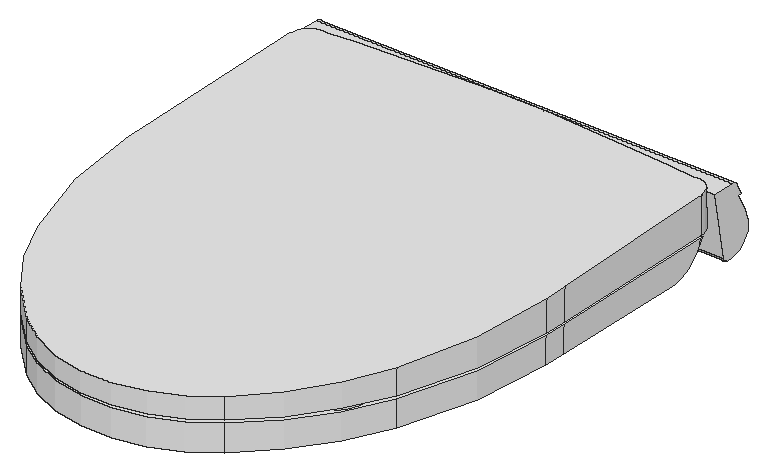
Revit family
Parameters
  Waste Connection = no
  Vent Connection = no
  URL = "http://www.totousa.com"
  Symbolic Lines [instance] = not(Lid)  # no
  Series = "Soiree"
  Seat Material = Polypropylene
  Product URL = "http://www.totousa.com/ProductDetail/tabid/75/Default.aspx?ProductId=9155e4a5-317d-4386-b412-54d7c86a783d&SearchId=e510e13b-bafd-4c28-8046-fa66b06554e5"
  Nominal Width = 1' - 2 1/4"  # constant formula
  Nominal Length = 1' - 6 3/4"  # constant formula
  Nominal Height = 0' - 2 1/2"  # constant formula
  Model = "SS214"
  Masking Height = 1' - 8"
  Manufacturer = "TOTO"
  Lid [instance] = yes
  HW Connection = no
  Description = "Softclose Seat"
  CW Connection = no
  CADworks URL = "http://www.CADworks.net"
  Assembly Code = "D2090900"
Reference planes (in)
  plane 1 "Center (Front/Back)": y = 0
  plane 2: z = 0
  plane 3 "Center (Left/Right)": x = 0
  plane 4: y = 9.375
  plane 5: y = -9.375
  plane 6: x = 7.125
  plane 7: x = -7.125
  plane 8: z = 2.5
  plane 9: z = 1.125
  plane 10: y = 6
  plane 11: y = -6
  plane 12: x = -4
  plane 13: x = 4
  plane 14: y = 8.625
  plane 15: z = 20
Forms (in)
  Extrusion 1, solid, material "Polypropylene" <- "Seat Material", visible <- "Lid"
    sketch origin (0, 0.00152, 0) x (1, 0, 0) y (0, 1, 0)
      loop
        arc (5.33174, 8.38539) -> (2.66858, 8.56546) -> (0, 8.62501) r 59.055
        arc (0, 8.62501) -> (-2.66858, 8.56546) -> (-5.33174, 8.38539) r 59.055
        arc (-5.33174, 8.38539) -> (-5.79837, 8.34136) -> (-6.26464, 8.29361) r 58.90699
        arc (-6.26464, 8.29361) -> (-6.78876, 8.18813) -> (-7.03448, 7.71331) r 0.61799
        arc (-7.03448, 7.71331) -> (-7.10197, 4.73711) -> (-7.12446, 1.76024) r 196.97407
        line (-7.12446, 1.76024) -> (-7.12446, 0.98183)
        arc (-7.12446, 0.98183) -> (-6.87928, -1.65454) -> (-6.15213, -4.20048) r 14.29639
        arc (-6.15213, -4.20048) -> (-5.01361, -6.32404) -> (-3.39865, -8.11225) r 9.96477
        arc (-3.39865, -8.11225) -> (0, -9.38195) -> (3.39865, -8.11225) r 5.18351
        arc (3.39865, -8.11225) -> (5.01361, -6.32404) -> (6.15213, -4.20048) r 9.96477
        arc (6.15213, -4.20048) -> (6.87928, -1.65454) -> (7.12446, 0.98183) r 14.29639
        line (7.12446, 0.98183) -> (7.12446, 1.76024)
        arc (7.12446, 1.76024) -> (7.10197, 4.73711) -> (7.03448, 7.71331) r 196.97407
        arc (7.03448, 7.71331) -> (6.78876, 8.18813) -> (6.26464, 8.29361) r 0.61799
        arc (6.26464, 8.29361) -> (5.79837, 8.34136) -> (5.33174, 8.38539) r 58.90699
    from 1.22544 to 2.5
  Extrusion 2, solid, material "Polypropylene" <- "Seat Material"
    sketch origin (0, 0, 0) x (1, 0, 0) y (0, 1, 0)
      loop
        arc (-3.37958, -8.11342) -> (0.00056, -9.375) -> (3.38043, -8.11268) r 5.15747
        arc (3.38043, -8.11268) -> (4.99557, -6.3248) -> (6.13416, -4.20141) r 9.96061
        arc (6.13416, -4.20141) -> (6.8611, -1.65629) -> (7.10621, 0.97923) r 14.29131
        line (7.10621, 0.97923) -> (7.10621, 1.74742)
        arc (7.10621, 1.74742) -> (7.0839, 4.71197) -> (7.01697, 7.67584) r 196.96811
        arc (7.01697, 7.67584) -> (6.86065, 8.05861) -> (6.49161, 8.24504) r 0.59055
        arc (6.49161, 8.24504) -> (5.79693, 8.31771) -> (5.10145, 8.38216) r 59.055
        line (5.10145, 8.38216) -> (5.10145, 8.08557) -> (0, 8.08557) -> (-5.10145, 8.08557) -> (-5.10145, 8.38216)
        arc (-5.10145, 8.38216) -> (-5.79693, 8.31771) -> (-6.49161, 8.24504) r 59.055
        arc (-6.49161, 8.24504) -> (-6.86065, 8.05861) -> (-7.01697, 7.67584) r 0.59055
        arc (-7.01697, 7.67584) -> (-7.0839, 4.71197) -> (-7.10621, 1.74742) r 196.96811
        line (-7.10621, 1.74742) -> (-7.10621, 0.97923)
        arc (-7.10621, 0.97923) -> (-6.8611, -1.65629) -> (-6.13416, -4.20141) r 14.29131
        arc (-6.13416, -4.20141) -> (-4.99524, -6.32526) -> (-3.37958, -8.11342) r 9.96061
      loop
        arc (-3.9882, 0.67055) -> (-3.4191, -2.61195) -> (-2.24142, -5.72832) r 17.59326
        arc (-2.24142, -5.72832) -> (-1.87097, -6.26312) -> (-1.3593, -6.66491) r 2.18168
        arc (-1.3593, -6.66491) -> (-0.70288, -6.92964) -> (0, -7.01291) r 2.6747
        arc (0, -7.01291) -> (0.70288, -6.92964) -> (1.3593, -6.66491) r 2.6747
        arc (1.3593, -6.66491) -> (1.87097, -6.26312) -> (2.24142, -5.72832) r 2.18168
        arc (2.24142, -5.72832) -> (3.4191, -2.61195) -> (3.9882, 0.67055) r 17.59326
        arc (3.9882, 0.67055) -> (3.03722, 3.58057) -> (0.30708, 4.96582) r 4
        arc (0.30708, 4.96582) -> (0.15365, 4.97424) -> (0, 4.97588) r 3.48532
        arc (0, 4.97588) -> (-0.15365, 4.97424) -> (-0.30708, 4.96582) r 3.48532
        arc (-0.30708, 4.96582) -> (-3.03722, 3.58057) -> (-3.9882, 0.67055) r 4
    from 0.22175 to 1.125
  Extrusion 3, solid, material "Polypropylene" <- "Seat Material", visible <- "Lid", detail levels fine
    sketch origin (0, 0, 0) x (1, 0, 0) y (0, 1, 0)
      loop
        spline (5.07251, -5.72015) -> (5.12239, -5.72928) -> (5.18592, -5.70828) -> (5.25875, -5.65857) -> (5.33592, -5.58356) -> (5.41218, -5.48834) -> (5.48233, -5.37941) -> (5.54159, -5.2642) -> (5.58592, -5.15054) -> (5.6123, -5.0462) -> (5.61893, -4.95828) -> (5.60536, -4.89276) -> (5.57251, -4.85413)
        spline (5.57251, -4.85413) -> (5.52263, -4.845) -> (5.4591, -4.866) -> (5.38627, -4.91571) -> (5.3091, -4.99072) -> (5.23284, -5.08594) -> (5.16269, -5.19486) -> (5.10343, -5.31008) -> (5.0591, -5.42373) -> (5.03272, -5.52808) -> (5.02609, -5.616) -> (5.03966, -5.68151) -> (5.07251, -5.72015)
      loop
        spline (-5.07251, -5.72015) -> (-5.03966, -5.68151) -> (-5.02609, -5.616) -> (-5.03272, -5.52808) -> (-5.0591, -5.42373) -> (-5.10343, -5.31008) -> (-5.16269, -5.19486) -> (-5.23284, -5.08594) -> (-5.3091, -4.99072) -> (-5.38627, -4.91571) -> (-5.4591, -4.866) -> (-5.52263, -4.845) -> (-5.57251, -4.85413)
        spline (-5.57251, -4.85413) -> (-5.60536, -4.89276) -> (-5.61893, -4.95828) -> (-5.6123, -5.0462) -> (-5.58592, -5.15054) -> (-5.54159, -5.2642) -> (-5.48233, -5.37941) -> (-5.41218, -5.48834) -> (-5.33592, -5.58356) -> (-5.25875, -5.65857) -> (-5.18592, -5.70828) -> (-5.12239, -5.72928) -> (-5.07251, -5.72015)
    from 1.125 to 1.22544
  Extrusion 4, void
    sketch origin (0, 0, 0) x (0, 1, 0) y (0, 0, 1)
      loop
        arc (6.05045, 0.03988) -> (6.05596, 0.01923) -> (6.0653, 0) r 0.11187
        line (6.0653, 0) -> (8.625, 0) -> (8.625, 1.125) -> (7.80158, 1.125)
        arc (7.80158, 1.125) -> (7.75317, 1.11055) -> (7.72058, 1.07193) r 0.08835
        arc (7.72058, 1.07193) -> (7.34926, 0.57543) -> (6.7954, 0.2968) r 1.35237
        arc (6.7954, 0.2968) -> (6.42136, 0.17287) -> (6.05045, 0.03988) r 16.19341
    from -7.125 to 7.125
  Extrusion 5, solid, material "Polypropylene" <- "Seat Material", visible <- "Lid"
    sketch origin (0, 0.05323, 0) x (0, 1, 0) y (0, 0, 1)
      loop
        arc (8.27845, 0.31833) -> (8.34321, 0.21667) -> (8.46088, 0.19059) r 0.15748
        arc (8.46088, 0.19059) -> (8.53401, 0.1913) -> (8.60694, 0.19678) r 1.12339
        arc (8.60694, 0.19678) -> (9.13645, 0.47966) -> (9.32177, 1.05067) r 0.80291
        arc (9.32177, 1.05067) -> (9.14769, 1.53968) -> (8.89207, 1.99146) r 3.00618
        line (8.89207, 1.99146) -> (8.99874, 1.99146) -> (8.84753, 2.33245)
        arc (8.84753, 2.33245) -> (8.77638, 2.41432) -> (8.67265, 2.44607) r 0.19685
        arc (8.67265, 2.44607) -> (8.28683, 2.45276) -> (7.90099, 2.45896) r 314.96
        line (7.90099, 2.45896) -> (8.27845, 0.31833)
    from -6.93403 to 7.29966
  Extrusion 6, solid, material "Polypropylene" <- "Seat Material", visible <- "Lid", detail levels fine
    sketch origin (0, 0, 0.16766) x (0, 1, 0) y (0, 0, 1)
      loop
        line (9.52518, 0.03937) -> (8.43137, 0.03937) -> (8.43137, 0) -> (10.80405, 0) -> (10.80405, 0.3144)
        arc (10.80405, 0.3144) -> (10.76953, 0.39774) -> (10.68618, 0.43227) r 0.11787
        line (10.68618, 0.43227) -> (9.52518, 0.43227) -> (9.52518, 0.03937)
    from -1.28876 to 1.32258
  Extrusion 7, solid, material "Polypropylene" <- "Seat Material", detail levels fine
    sketch origin (0, 0, 0) x (1, 0, 0) y (0, 1, 0)
      loop
        circle (-5.3033, -2.99675) r 0.75
      loop
        circle (-5.3033, -2.99675) r 0.5
      loop
        circle (5.3033, -2.99675) r 0.75
      loop
        circle (5.3033, -2.99675) r 0.5
    from 0 to 0.22175
  Extrusion 8, void
    sketch origin (0, 0, 0) x (0, 1, 0) y (0, 0, -1)
      loop
        line (-11.06863, -3.59144) -> (8.61863, -3.59144) -> (8.61863, -2.49829) -> (-11.06863, -1.85348) -> (-11.06863, -3.59144)
    from -8.31845 to 11.12446
Cuts and joins
  Extrusion 4 cuts Extrusion 2
  Extrusion 8 cuts Extrusion 1
  Extrusion 8 cuts Extrusion 5
  joined: Extrusion 1, Extrusion 5
Lines and regions (in)
  Masking region 1
    outline origin (-57.125, -180, 20) x (0, -1, 0) y (1, 0, 0)
      loop
        arc (-171.88927, 53.72635) -> (-170.61957, 57.125) -> (-171.88927, 60.52365) r 5.18351
        arc (-171.88927, 60.52365) -> (-173.67747, 62.13861) -> (-175.80104, 63.27713) r 9.96477
        arc (-175.80104, 63.27713) -> (-178.34698, 64.00428) -> (-180.98334, 64.24946) r 14.29639
        line (-180.98334, 64.24946) -> (-181.76175, 64.24946)
        arc (-181.76175, 64.24946) -> (-184.73863, 64.22697) -> (-187.71483, 64.15948) r 196.97407
        arc (-187.71483, 64.15948) -> (-188.18965, 63.91376) -> (-188.29512, 63.38964) r 0.61799
        arc (-188.29512, 63.38964) -> (-188.34287, 62.92337) -> (-188.38691, 62.45674) r 58.90699
        arc (-188.38691, 62.45674) -> (-188.56698, 59.79358) -> (-188.62653, 57.125) r 59.055
        arc (-188.62653, 57.125) -> (-188.56698, 54.45642) -> (-188.38691, 51.79326) r 59.055
        arc (-188.38691, 51.79326) -> (-188.34287, 51.32663) -> (-188.29512, 50.86036) r 58.90699
        arc (-188.29512, 50.86036) -> (-188.18965, 50.33624) -> (-187.71483, 50.09052) r 0.61799
        arc (-187.71483, 50.09052) -> (-184.73863, 50.02303) -> (-181.76175, 50.00054) r 196.97407
        line (-181.76175, 50.00054) -> (-180.98334, 50.00054)
        arc (-180.98334, 50.00054) -> (-178.34698, 50.24572) -> (-175.80104, 50.97287) r 14.29639
        arc (-175.80104, 50.97287) -> (-173.67747, 52.11139) -> (-171.88927, 53.72635) r 9.96477
  symbolic lines, visible <- "Symbolic Lines"
    curve 1: arc (0, -7.01291, 20) -> (-0.70288, -6.92964, 20) -> (-1.3593, -6.66491, 20) r 2.6747
    curve 2: arc (-0.30708, 4.96582, 20) -> (-0.15365, 4.97424, 20) -> (0, 4.97588, 20) r 3.48532
    curve 3: arc (-2.24142, -5.72832, 20) -> (-3.4191, -2.61195, 20) -> (-3.9882, 0.67055, 20) r 17.59326
    curve 4: arc (-3.9882, 0.67055, 20) -> (-3.03722, 3.58057, 20) -> (-0.30708, 4.96582, 20) r 4
    curve 5: arc (-0.30708, 4.96582, 20) -> (-0.15365, 4.97424, 20) -> (0, 4.97588, 20) r 3.48532
    curve 6: arc (0, 4.97588, 20) -> (0.15365, 4.97424, 20) -> (0.30708, 4.96582, 20) r 3.48532
    curve 7: arc (0.30708, 4.96582, 20) -> (3.03722, 3.58057, 20) -> (3.9882, 0.67055, 20) r 4
    curve 8: arc (3.9882, 0.67055, 20) -> (3.4191, -2.61195, 20) -> (2.24142, -5.72832, 20) r 17.59326
    curve 9: arc (2.24142, -5.72832, 20) -> (1.87097, -6.26312, 20) -> (1.3593, -6.66491, 20) r 2.18168
    curve 10: arc (-1.3593, -6.66491, 20) -> (-1.87097, -6.26312, 20) -> (-2.24142, -5.72832, 20) r 2.18168
    curve 11: arc (1.3593, -6.66491, 20) -> (0.70288, -6.92964, 20) -> (0, -7.01291, 20) r 2.6747
Dimensions and locks (in)
  "Nominal Length": plane 5 to plane 4
  equal spacing: plane 7, plane 3 "Center (Left/Right)", plane 6
  equal spacing: plane 5, plane 1 "Center (Front/Back)", plane 4
  "Nominal Width": plane 7 to plane 6
  "Nominal Height": plane 2 to plane 8
  locked: plane 2 to plane 9 at 1.125
  locked: plane 5 to plane 14 at 18
  plane 5 to Extrusion 1 sketch curve = 0' - 1.26427"
  Extrusion 1 sketch curve to plane 6 = 0' - 0.86036"
  Extrusion 1 sketch curve to plane 6 = 0' - 0.09052"
  Extrusion 1 sketch curve to plane 6 = 0' - 0.97287"
  Extrusion 1 sketch curve to plane 13 = 0' - 0.60135"
  locked: plane 8 to Extrusion 1 at 1.27456
  locked: plane 11 to Extrusion 3 sketch curve at 0.27985
  locked: plane 11 to Extrusion 3 sketch curve at 1.14587
  locked: plane 7 to Extrusion 3 sketch curve at 1.64267
  locked: Extrusion 3 sketch curve to plane 12 at 1.16269
  locked: Extrusion 3 sketch curve to plane 6 at 1.55249
  locked: Extrusion 3 sketch curve to plane 6 at 2.05249
  locked: plane 11 to Extrusion 3 sketch curve at 0.80514
  locked: plane 11 to Extrusion 3 sketch curve at 0.62059  (x2)
  plane 11 to Extrusion 3 sketch curve = 0' - 0.80514"
  locked: plane 12 to Extrusion 2 sketch curve at 0.62042
  plane 12 to Extrusion 2 sketch curve = 0' - 0.0118"
  Extrusion 2 sketch curve to plane 3 "Center (Left/Right)" = 0' - 2.24142"
  locked: plane 7 to Extrusion 2 sketch curve at 0.10803
  locked: plane 14 to Extrusion 2 sketch curve at 0.24284  (x2)
  locked: plane 14 to Extrusion 2 sketch curve at 0.53943  (x2)
  Extrusion 2 sketch curve to plane 14 = 0' - 0.53943"
  locked: plane 14 to Extrusion 2 sketch curve at 0.37996
  locked: Extrusion 2 sketch curve to plane 6 at 0.10803
  locked: Extrusion 2 sketch curve to plane 6 at 3.74457
  Extrusion 2 sketch curve to plane 6 = 0' - 3.74457"
  locked: Extrusion 4 sketch curve to plane 9 at 0.8282
  Extrusion 7 to plane 2 = 0' - 0.22175"
  locked: plane 11 to Extrusion 7 sketch curve at 3.00325  (x2)
  locked: Extrusion 7 sketch curve to plane 12 at 1.3033  (x2)
  Extrusion 7 sketch curve to plane 12 = 0' - 1.3033"
  locked: Extrusion 7 sketch curve to plane 6 at 1.8217
  Extrusion 7 sketch curve to plane 6 = 0' - 1.8217"
  locked: Extrusion 7 sketch curve to plane 1 "Center (Front/Back)" at 3.49675
  locked: Extrusion 7 sketch curve to plane 1 "Center (Front/Back)" at 2.24675
  locked: Extrusion 5 sketch curve to plane 14 at 0.67078
  locked: Extrusion 5 sketch curve to plane 4 at 0.64912
  locked: Extrusion 5 sketch curve to plane 4 at 0.4297
  locked: Extrusion 5 sketch curve to plane 4 at 0
  Extrusion 5 sketch curve to plane 2 = 0' - 0.19678"
  locked: Extrusion 5 sketch curve to plane 2 at 0.19059
  locked: Extrusion 5 to plane 4 at 0.32303
  locked: plane 4 to Extrusion 5 at 1.42078
  locked: plane 2 to Extrusion 6 sketch curve at 0.16766
  locked: plane 9 to Extrusion 6 sketch curve at 0.52508
  locked: plane 4 to Extrusion 6 sketch curve at 1.42905
  locked: plane 4 to Extrusion 6 sketch curve at 0.15018
  locked: plane 9 to Extrusion 6 sketch curve at 0.91797
  locked: Extrusion 6 sketch curve to plane 14 at 0.19363
  Extrusion 6 to plane 3 "Center (Left/Right)" to Extrusion 6 = 0' - 1.28876" locked, 0' - 1.32258" locked
  locked: plane 7 to Extrusion 5 at 0.19097
  locked: plane 6 to Extrusion 5 at 0.17466
  locked: cut or joined group of Extrusion 2, Extrusion 4 to plane 8 at 2.27825
  plane 7 to Extrusion 2 sketch curve = 0' - 6.81792"
  Extrusion 2 sketch curve to plane 6 = 0' - 7.43208"
  "Masking Height": plane 15 to plane 2
  locked: Extrusion 8 to Extrusion 1 at 4
  locked: Extrusion 8 to Extrusion 6 at 19.5
  locked: Extrusion 8 sketch curve to cut or joined group of Extrusion 2, Extrusion 4 at 2.46644
  locked: plane 6 to cut or joined group of Extrusion 1, Extrusion 5, Extrusion 8 at 1.19345
  aligned and locked: Extrusion 1 to plane 8
  aligned and locked: Extrusion 3 to Extrusion 1
  aligned and locked: Extrusion 2 to plane 9
  aligned: Extrusion 2 to level
  aligned and locked: plane 7 to Extrusion 4
  aligned and locked: cut or joined group of Extrusion 2, Extrusion 4 to plane 6
  aligned and locked: plane 14 to Extrusion 4 sketch curve
  aligned and locked: Extrusion 4 sketch curve to plane 9
  aligned and locked: Extrusion 4 sketch curve to plane 2
  aligned and locked: Extrusion 7 to level
  aligned: plane 4 to Extrusion 5
  aligned: Extrusion 5 to plane 6
  aligned: plane 7 to Extrusion 5
  aligned: plane 7 to cut or joined group of Extrusion 1, Extrusion 5, Extrusion 8
  aligned and locked: Extrusion 7 to cut or joined group of Extrusion 2, Extrusion 4
  aligned: plane 5 to cut or joined group of Extrusion 1, Extrusion 5, Extrusion 8
  aligned and locked: Masking region 1 sketch curve to cut or joined group of Extrusion 1, Extrusion 5, Extrusion 8  (x13)
  aligned and locked: curve 1 to cut or joined group of Extrusion 2, Extrusion 4
  aligned and locked: curve 2 to cut or joined group of Extrusion 2, Extrusion 4
  aligned and locked: curve 3 to cut or joined group of Extrusion 2, Extrusion 4
  aligned and locked: curve 4 to cut or joined group of Extrusion 2, Extrusion 4
  aligned and locked: curve 5 to cut or joined group of Extrusion 2, Extrusion 4
  aligned and locked: curve 6 to cut or joined group of Extrusion 2, Extrusion 4
  aligned and locked: curve 7 to cut or joined group of Extrusion 2, Extrusion 4
  aligned and locked: curve 8 to cut or joined group of Extrusion 2, Extrusion 4
  aligned and locked: curve 9 to cut or joined group of Extrusion 2, Extrusion 4
  aligned and locked: curve 10 to cut or joined group of Extrusion 2, Extrusion 4
  aligned and locked: curve 11 to cut or joined group of Extrusion 2, Extrusion 4
Automatic sketch dimensions
  plane 9 to Extrusion 4 sketch curve = 0' - 0.08835"
  Extrusion 4 sketch curve to plane 14 = 0' - 0.82342"
  Extrusion 4 sketch curve to Extrusion 4 sketch curve = 0' - 0.081"
  Extrusion 4 sketch curve to Extrusion 4 sketch curve = 0' - 0"
  Extrusion 4 sketch curve to plane 10 = 0' - 0.7954"
  level to Extrusion 4 sketch curve = 0' - 0.05826"
  Extrusion 4 sketch curve to plane 10 = 0' - 0.1608"
  Extrusion 4 sketch curve to plane 10 = 0' - 0.0653"
  level to Extrusion 4 sketch curve = 0' - 0.03988"
  Extrusion 4 sketch curve to plane 4 = 0' - 2.32595"
  level to Extrusion 5 sketch curve = 0' - 0.29075"
  Extrusion 5 sketch curve to plane 10 = 0' - 0.46645"
  plane 10 to Extrusion 5 sketch curve = 0' - 2.92029"
  Extrusion 5 sketch curve to plane 14 = 0' - 0.29333"
  Extrusion 5 sketch curve to plane 14 = 0' - 0.13824"
  Extrusion 5 sketch curve to plane 14 = 0' - 0.11089"
  Extrusion 5 sketch curve to plane 14 = 0' - 0.08537"
  Extrusion 5 sketch curve to plane 14 = 0' - 0.05098"
  plane 14 to Extrusion 5 sketch curve = 0' - 0 9/256"
  Extrusion 5 sketch curve to Extrusion 5 sketch curve = 0' - 0"  (x2)
  plane 14 to Extrusion 5 sketch curve = 0' - 0.09735"
  plane 8 to Extrusion 5 sketch curve = 0' - 0.16755"
  Extrusion 5 sketch curve to Extrusion 5 sketch curve = 0' - 0.17841"
  Extrusion 5 sketch curve to Extrusion 5 sketch curve = 0' - 0.10667"
  Extrusion 5 sketch curve to level = 26' - 0.46331"
  Extrusion 5 sketch curve to Extrusion 5 sketch curve = 0' - 0.12774"
  Extrusion 6 sketch curve to Extrusion 6 sketch curve = 0' - 0.11787"
  Extrusion 7 sketch curve to Extrusion 7 sketch curve = 0' - 0"  (x2)
  plane 1 "Center (Front/Back)" to Extrusion 7 sketch curve = 0' - 2.99675"
  Extrusion 1 sketch curve to plane 3 "Center (Left/Right)" = 0' - 0"  (x2)
  Extrusion 1 sketch curve to plane 3 "Center (Left/Right)" = 0' - 0.01723"
  Extrusion 1 sketch curve to plane 3 "Center (Left/Right)" = 0' - 0.03055"
  plane 1 "Center (Front/Back)" to Extrusion 1 sketch curve = 0' - 0.58683"
  plane 12 to Extrusion 1 sketch curve = 0' - 0.86509"
  plane 12 to Extrusion 1 sketch curve = 0' - 0.60135"
  Extrusion 1 sketch curve to plane 14 = 0' - 0.23809"  (x2)
  Extrusion 1 sketch curve to plane 12 = 0' - 1.33174"
  Extrusion 1 sketch curve to Extrusion 1 sketch curve = 0' - 0"  (x7)
  Extrusion 1 sketch curve to plane 14 = 0' - 0.32988"
  Extrusion 1 sketch curve to Extrusion 1 sketch curve = 0' - 0.9329"  (x2)
  Extrusion 1 sketch curve to Extrusion 1 sketch curve = 0' - 0.15214"
  Extrusion 1 sketch curve to plane 7 = 0' - 0.09052"
  Extrusion 1 sketch curve to plane 7 = 0' - 0.00054"
  plane 7 to Extrusion 1 sketch curve = 0' - 0.04693"
  Extrusion 1 sketch curve to plane 1 "Center (Front/Back)" = 0' - 1.76175"  (x2)
  Extrusion 1 sketch curve to Extrusion 1 sketch curve = 15' - 2.67768"
  plane 3 "Center (Left/Right)" to Extrusion 1 sketch curve = 0' - 0.01723"
  plane 3 "Center (Left/Right)" to Extrusion 1 sketch curve = 0' - 0.03055"
  Extrusion 1 sketch curve to plane 13 = 0' - 0.86509"
  Extrusion 1 sketch curve to Extrusion 1 sketch curve = 0' - 0.61771"
  Extrusion 1 sketch curve to plane 6 = 0' - 0.04693"
  plane 5 to Extrusion 8 sketch curve = 0' - 1.69363"
  plane 8 to Extrusion 8 sketch curve = 0' - 0.00171"
  Extrusion 8 sketch curve to plane 14 = 0' - 0.00637"
  plane 8 to Extrusion 8 sketch curve = 0' - 0.64652"
  Extrusion 2 sketch curve to Extrusion 2 sketch curve = 0' - 0"  (x15)
  Extrusion 2 sketch curve to plane 3 "Center (Left/Right)" = 0' - 0"  (x6)
  Extrusion 2 sketch curve to plane 7 = 0' - 0.01879"
  plane 7 to Extrusion 2 sketch curve = 0' - 0.0601"
  Extrusion 2 sketch curve to plane 1 "Center (Front/Back)" = 0' - 2.02118"
  Extrusion 2 sketch curve to plane 1 "Center (Front/Back)" = 0' - 1.74742"
  Extrusion 2 sketch curve to Extrusion 2 sketch curve = 14' - 8.30876"
  Extrusion 2 sketch curve to plane 14 = 0' - 0.37996"
  Extrusion 2 sketch curve to plane 7 = 0' - 0.63339"
  Extrusion 2 sketch curve to Extrusion 2 sketch curve = 0' - 0.06492"  (x2)
  Extrusion 2 sketch curve to plane 7 = 0' - 0.99084"
  Extrusion 2 sketch curve to Extrusion 2 sketch curve = 0' - 1.32524"
  plane 12 to Extrusion 2 sketch curve = 0' - 0.85104"
  plane 11 to Extrusion 2 sketch curve = 0' - 0.66491"  (x2)
  Extrusion 2 sketch curve to Extrusion 2 sketch curve = 0' - 0.88211"  (x2)
  Extrusion 2 sketch curve to plane 3 "Center (Left/Right)" = 0' - 0.28279"
  Extrusion 2 sketch curve to plane 3 "Center (Left/Right)" = 0' - 0.03951"  (x2)
  plane 3 "Center (Left/Right)" to Extrusion 2 sketch curve = 0' - 0"
  plane 3 "Center (Left/Right)" to Extrusion 2 sketch curve = 0' - 0.03951"  (x2)
  plane 3 "Center (Left/Right)" to Extrusion 2 sketch curve = 0' - 0.28279"
  Extrusion 2 sketch curve to Extrusion 2 sketch curve = 0' - 0.30708"
  plane 3 "Center (Left/Right)" to Extrusion 2 sketch curve = 0' - 1.3593"
  plane 1 "Center (Front/Back)" to Extrusion 2 sketch curve = 0' - 0.59066"
  Extrusion 2 sketch curve to plane 13 = 0' - 0.85104"
  Extrusion 2 sketch curve to plane 13 = 0' - 0.0118"
  plane 13 to Extrusion 2 sketch curve = 0' - 1.10145"
  plane 6 to Extrusion 2 sketch curve = 0' - 0.99084"
  Extrusion 2 sketch curve to Extrusion 2 sketch curve = 0' - 0.59028"
  Extrusion 2 sketch curve to plane 6 = 0' - 0.0601"
  Extrusion 2 sketch curve to Extrusion 2 sketch curve = 0' - 1.44777"
  radius of Extrusion 7 sketch curve = 0' - 0 3/4"
  radius of Extrusion 7 sketch curve = 0' - 0 1/2"
